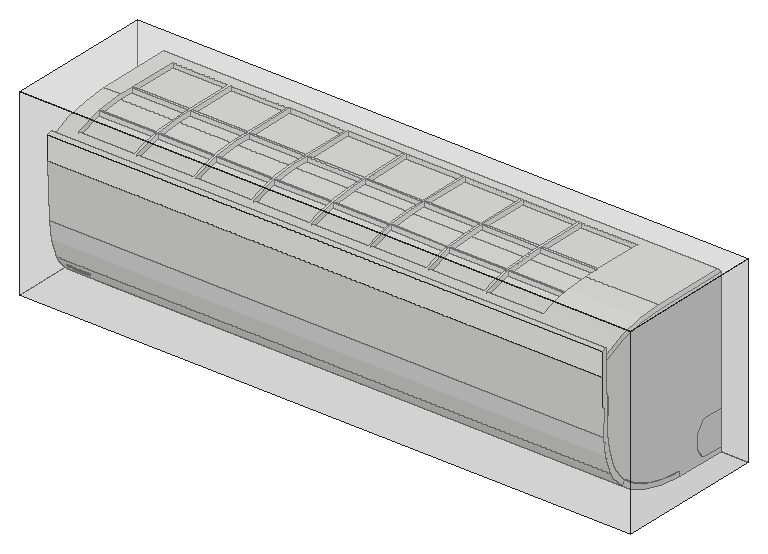
Revit family "outputfile", category 機械設備, Revit 2024 (continued)
Definition of nested family "DAIKIN_indoorunit_FTKF-TVMA"
  Automatic sketch dimensions
    Extrusion 22 sketch curve to Extrusion 22 sketch curve = 20.0 mm  (x2)
    Extrusion 22 sketch curve to level = 287.035 mm
    Extrusion 23 sketch curve to plane 1 "Center (Front/Back)" = 0.0 mm
    Extrusion 23 sketch curve to Extrusion 23 sketch curve = 20.0 mm  (x2)
    Extrusion 23 sketch curve to level = 287.035 mm
    plane 1 "Center (Front/Back)" to Extrusion 24 sketch curve = 0.0 mm  (x2)
    plane 3 "Center (Left/Right)" to Extrusion 24 sketch curve = 469.0 mm
    Extrusion 24 sketch curve to Extrusion 24 sketch curve = 20.0 mm  (x4)
    Extrusion 24 sketch curve to plane 3 "Center (Left/Right)" = 409.0 mm
  Nested families
    nested 1: "daikin_logo_plane_w40" at (-320, -198.871, -233.244) x (1, 0, 0) z (0, -0.7841, -0.6206), visible <- "switch_unit1_20-50", type "daikin_logo_plane_w40"
      with show_logo yes
    nested 2: "daikin_logo_plane_w40" at (-430, -237.74, -233.244) x (1, 0, 0) z (0, -0.7841, -0.6206), visible <- "switch_unit1_60-71", type "daikin_logo_plane_w40"
      with show_logo yes
  Definition of nested family "daikin_logo_plane_w40"
    Parameters (values of type "daikin_logo_plane_w40")
      width = 40.0 mm
      show_logo [instance] = yes
      material = none
      height = 0.0 mm
      depth = 0.0 mm
      Default Elevation = 1219.2 mm
    Reference planes
      plane 1 "Center (Front/Back)": y = 0
      plane 2: z = 0
      plane 3 "Center (Left/Right)": x = 0
      plane 4: z = 2
      plane 5 "left": x = -19
      plane 6: x = 19
    Forms (mm)
      Extrusion 1, solid, visible <- "show_logo"
        sketch origin (-19, 0, 0) x (1, 0, 0) y (0, 1, 0)
          loop
            line (8.902, -1.878) -> (7.789, -6.332) -> (11.13, -6.332)
            arc (11.13, -6.332) -> (12.454, -6.064) -> (13.472, -5.176) r 2.642
            arc (13.472, -5.176) -> (13.92, -4.02) -> (13.767, -2.79) r 2.537
            arc (13.767, -2.79) -> (13.452, -2.342) -> (12.982, -2.06) r 1.321
            arc (12.982, -2.06) -> (12.063, -1.902) -> (11.13, -1.878) r 6.479
            line (11.13, -1.878) -> (8.902, -1.878)
          loop
            line (10.016, -5.441) -> (10.907, -5.441)
            arc (10.907, -5.441) -> (11.591, -4.983) -> (11.988, -4.261) r 1.742
            spline (11.988, -4.261) -> (12.01, -4.155) -> (12.027, -4.03) -> (12.037, -3.893) -> (12.037, -3.747) -> (12.026, -3.598) -> (12.002, -3.451) -> (11.962, -3.31) -> (11.905, -3.181) -> (11.829, -3.069) -> (11.731, -2.978) -> (11.61, -2.913) -> (11.464, -2.88)
            line (11.464, -2.88) -> (10.573, -2.88) -> (10.016, -5.441)
          loop
            line (13.58, -6.332) -> (14.805, -6.332) -> (15.223, -5.553) -> (16.977, -5.553) -> (17.144, -6.332) -> (19.149, -6.332) -> (18.258, -1.878) -> (16.03, -1.878) -> (13.58, -6.332)
          loop
            line (16.476, -3.214) -> (15.76, -4.551) -> (16.762, -4.551) -> (16.476, -3.214)
          loop
            line (19.705, -6.332) -> (21.599, -6.332) -> (22.712, -1.878) -> (20.819, -1.878) -> (19.705, -6.332)
          loop
            line (22.712, -6.332) -> (24.606, -6.332) -> (24.908, -5.122) -> (25.831, -6.332) -> (28.17, -6.332) -> (26.388, -3.994) -> (28.949, -1.878) -> (26.945, -1.878) -> (25.401, -3.153) -> (25.719, -1.878) -> (23.826, -1.878) -> (22.712, -6.332)
          loop
            line (29.84, -1.878) -> (28.615, -6.332) -> (30.62, -6.332) -> (31.734, -1.878) -> (29.84, -1.878)
          loop
            line (31.734, -6.332) -> (33.07, -6.332) -> (33.7, -3.814) -> (34.518, -6.332) -> (36.745, -6.332) -> (37.859, -1.878) -> (36.523, -1.878) -> (35.845, -4.589) -> (34.963, -1.878) -> (32.847, -1.878) -> (31.734, -6.332)
        from 0 to 2
      Extrusion 2, solid, visible <- "show_logo"
        sketch origin (-19, 0, 0) x (1, 0, 0) y (0, 1, 0)
          loop
            line (8.7, 0) -> (4.235, 0) -> (0, -3.879) -> (0, -8) -> (8.7, 0)
        from 0 to 2
      Extrusion 3, solid, visible <- "show_logo"
        sketch origin (-19, 0, 0) x (1, 0, 0) y (0, 1, 0)
          loop
            line (0, 0) -> (0, -3.879) -> (4.235, 0) -> (0, 0)
        from 0 to 2
    Dimensions and locks
      plane 4 to plane 2 = 2.0 mm
      equal spacing: plane 5 "left", plane 3 "Center (Left/Right)", plane 6
      locked: plane 5 "left" to plane 6 at 38
      aligned and locked: level to plane 2
      aligned and locked: Extrusion 3 to plane 1 "Center (Front/Back)"  (x2)
      aligned and locked: Extrusion 2 to plane 1 "Center (Front/Back)"  (x2)
      aligned and locked: plane 4 to Extrusion 1
      aligned and locked: plane 4 to Extrusion 3
      aligned and locked: plane 4 to Extrusion 2
      aligned and locked: Extrusion 3 to plane 5 "left"
      aligned and locked: Extrusion 2 to plane 5 "left"
    Automatic sketch dimensions
      Extrusion 1 sketch curve to Extrusion 1 sketch curve = 0.901 mm
      Extrusion 1 sketch curve to Extrusion 1 sketch curve = 1.559 mm
      Extrusion 1 sketch curve to Extrusion 1 sketch curve = 1.327 mm
      Extrusion 1 sketch curve to Extrusion 1 sketch curve = 2.145 mm
      Extrusion 1 sketch curve to Extrusion 1 sketch curve = 1.448 mm
      Extrusion 1 sketch curve to Extrusion 1 sketch curve = 2.116 mm
      Extrusion 1 sketch curve to Extrusion 1 sketch curve = 1.114 mm  (x4)
      Extrusion 1 sketch curve to Extrusion 1 sketch curve = 1.336 mm  (x2)
      plane 1 "Center (Front/Back)" to Extrusion 1 sketch curve = 1.878 mm  (x5)
      Extrusion 1 sketch curve to Extrusion 1 sketch curve = 1.893 mm  (x5)
      Extrusion 1 sketch curve to Extrusion 1 sketch curve = 0.891 mm  (x4)
      Extrusion 1 sketch curve to Extrusion 1 sketch curve = 2.005 mm  (x3)
      Extrusion 1 sketch curve to Extrusion 1 sketch curve = 0.445 mm  (x2)
      plane 1 "Center (Front/Back)" to Extrusion 1 sketch curve = 3.994 mm
      Extrusion 1 sketch curve to Extrusion 1 sketch curve = 0.557 mm  (x2)
      Extrusion 1 sketch curve to Extrusion 1 sketch curve = 2.339 mm  (x2)
      Extrusion 1 sketch curve to Extrusion 1 sketch curve = 1.225 mm  (x3)
      plane 1 "Center (Front/Back)" to Extrusion 1 sketch curve = 3.153 mm
      Extrusion 1 sketch curve to Extrusion 1 sketch curve = 0.987 mm
      plane 1 "Center (Front/Back)" to Extrusion 1 sketch curve = 5.122 mm
      Extrusion 1 sketch curve to Extrusion 1 sketch curve = 0.922 mm
      plane 1 "Center (Front/Back)" to Extrusion 1 sketch curve = 6.332 mm
      Extrusion 1 sketch curve to Extrusion 1 sketch curve = 2.562 mm
      plane 1 "Center (Front/Back)" to Extrusion 1 sketch curve = 5.553 mm
      Extrusion 1 sketch curve to Extrusion 1 sketch curve = 0.167 mm
      Extrusion 1 sketch curve to Extrusion 1 sketch curve = 0.215 mm
      plane 1 "Center (Front/Back)" to Extrusion 1 sketch curve = 3.214 mm
      Extrusion 1 sketch curve to Extrusion 1 sketch curve = 0.286 mm
      plane 1 "Center (Front/Back)" to Extrusion 1 sketch curve = 4.551 mm
      Extrusion 1 sketch curve to Extrusion 1 sketch curve = 1.002 mm
      Extrusion 1 sketch curve to Extrusion 1 sketch curve = 0.537 mm
      Extrusion 1 sketch curve to Extrusion 1 sketch curve = 0.418 mm
      Extrusion 1 sketch curve to Extrusion 1 sketch curve = 1.028 mm
      plane 1 "Center (Front/Back)" to Extrusion 1 sketch curve = 4.261 mm
      Extrusion 1 sketch curve to Extrusion 1 sketch curve = 0.563 mm
      plane 1 "Center (Front/Back)" to Extrusion 1 sketch curve = 2.88 mm
      Extrusion 1 sketch curve to Extrusion 1 sketch curve = 1.088 mm
      Extrusion 1 sketch curve to Extrusion 1 sketch curve = 2.152 mm
      Extrusion 1 sketch curve to Extrusion 1 sketch curve = 0.586 mm
      Extrusion 1 sketch curve to Extrusion 1 sketch curve = 0.118 mm
      Extrusion 1 sketch curve to Extrusion 1 sketch curve = 0.298 mm
      Extrusion 1 sketch curve to Extrusion 1 sketch curve = 0.334 mm
      Extrusion 1 sketch curve to Extrusion 1 sketch curve = 0.223 mm
      Extrusion 1 sketch curve to Extrusion 1 sketch curve = 0.266 mm
      Extrusion 1 sketch curve to Extrusion 1 sketch curve = 1.671 mm
      Extrusion 1 sketch curve to Extrusion 1 sketch curve = 2.227 mm
      Extrusion 1 sketch curve to Extrusion 1 sketch curve = 0.0 mm  (x7)
      Extrusion 1 sketch curve to Extrusion 1 sketch curve = 3.453 mm
      Extrusion 1 sketch curve to Extrusion 1 sketch curve = 2.017 mm
      Extrusion 1 sketch curve to Extrusion 1 sketch curve = 0.78 mm  (x2)
      Extrusion 1 sketch curve to Extrusion 1 sketch curve = 1.743 mm
      Extrusion 1 sketch curve to Extrusion 1 sketch curve = 0.775 mm
      Extrusion 1 sketch curve to Extrusion 1 sketch curve = 0.552 mm
      Extrusion 1 sketch curve to Extrusion 1 sketch curve = 0.014 mm
      Extrusion 1 sketch curve to Extrusion 1 sketch curve = 0.952 mm
      Extrusion 1 sketch curve to Extrusion 1 sketch curve = 1.215 mm
      Extrusion 1 sketch curve to Extrusion 1 sketch curve = 0.108 mm
      plane 1 "Center (Front/Back)" to Extrusion 2 sketch curve = 0.0 mm
      Extrusion 2 sketch curve to plane 3 "Center (Left/Right)" = 19.0 mm
      Extrusion 2 sketch curve to plane 3 "Center (Left/Right)" = 14.765 mm
      Extrusion 2 sketch curve to Extrusion 2 sketch curve = 4.465 mm
      plane 1 "Center (Front/Back)" to Extrusion 2 sketch curve = 3.879 mm
      Extrusion 2 sketch curve to Extrusion 2 sketch curve = 4.12 mm
      plane 1 "Center (Front/Back)" to Extrusion 3 sketch curve = 0.0 mm
      Extrusion 3 sketch curve to plane 3 "Center (Left/Right)" = 19.0 mm
      Extrusion 3 sketch curve to plane 3 "Center (Left/Right)" = 14.765 mm
      plane 1 "Center (Front/Back)" to Extrusion 3 sketch curve = 3.879 mm
      Extrusion 1 sketch curve to plane 3 "Center (Left/Right)" = 11.211 mm
      Extrusion 1 sketch curve to Extrusion 1 sketch curve = 1.782 mm
Definition of nested family "daikin_connector_rotate3"
  Parameters (values of type "daikin_connector_rotate3")
    show [instance] = yes
    radius [instance] = 10.0 mm
    length [instance] = 600.0 mm
    angle_horizontal [instance] = 60.00°
    angle_vertical [instance] = 90.00°
    Default Elevation = 1219.2 mm
  Reference planes
    plane 1 "Center (Front/Back)": y = 0
    plane 2: z = 0
    plane 3 "Center (Left/Right)": x = 0
  Dimensions and locks
    "angle_horizontal": angle plane 3 "Center (Left/Right)" to nested 1
    aligned and locked: level to plane 2
    aligned and locked: plane 1 "Center (Front/Back)" to nested 1  (x2)
    aligned and locked: plane 3 "Center (Left/Right)" to nested 1
  Nested families
    nested 1: "daikin_connector_rotate2" at (0, 0, 0) x (0.5, 0.866, 0) z (0, 0, 1), angle_vertical <- "angle_vertical", length <- "length", radius <- "radius", type "daikin_connector_rotate2"
      with radius 10.0 mm, length 600.0 mm, angle_vertical 90.00°
  Definition of nested family "daikin_connector_rotate2"
    Parameters (values of type "daikin_connector_rotate2")
      show_face = yes
      radius [instance] = 10.0 mm
      length [instance] = 600.0 mm
      d_surface = 10.0 mm
      angle_vertical [instance] = 90.00°
      Default Elevation = 0.0 mm
    Reference planes
      plane 1 "Center (Front/Back)": y = 0
      plane 2: z = 0
      plane 3 "Center (Left/Right)": x = 0
    Forms (mm)
      Extrusion 1, solid, visible <- "show_face"
        sketch origin (0, -600, 0) x (1, 0, 0) y (0, 0, 1)
          loop
            circle (0, 0) r 10
        from 0 to -10
    Lines and regions (mm)
      reference lines
        curve 1: line (0, 0, 0) -> (0, -600, 0)
      symbolic lines
        curve 2: circle (0, 0, 0) r 5 normal (0, 0, 1)
      model lines, visible <- "show_face"
        curve 3: line (0, 0, 0) -> (0, -600, 0)
    Dimensions and locks
      "length": curve 1 to curve 1
      "length": curve 3 to curve 3
      "d_surface": Extrusion 1 to Extrusion 1
      "radius": radius of Extrusion 1 sketch curve
      "angle_vertical": angle curve 1 to plane 1 "Center (Front/Back)"
      "angle_vertical": angle curve 3 to plane 1 "Center (Front/Back)"
      aligned and locked: level to plane 2
      aligned and locked: plane 1 "Center (Front/Back)" to curve 1
      aligned and locked: plane 2 to curve 1
      aligned and locked: plane 1 "Center (Front/Back)" to curve 2
      aligned and locked: plane 3 "Center (Left/Right)" to curve 2
      aligned and locked: plane 1 "Center (Front/Back)" to curve 3
      aligned and locked: plane 2 to curve 3
      aligned and locked: Extrusion 1 to Extrusion 1
    Automatic sketch dimensions
      Extrusion 1 sketch curve to level = 0.0 mm
      Extrusion 1 sketch curve to plane 3 "Center (Left/Right)" = 0.0 mm
      radius of curve 2 = 5.0 mm
